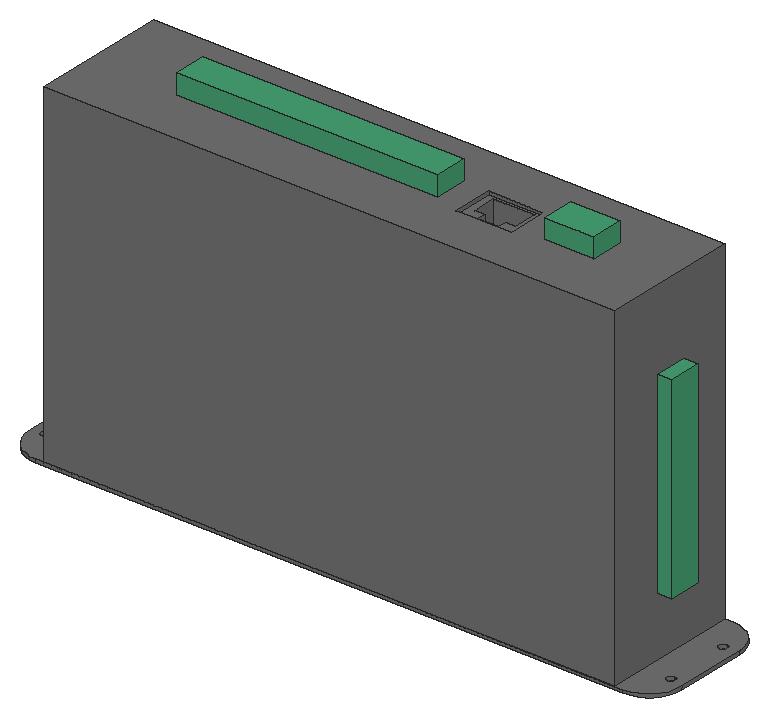
Revit family "Б409_RV17_LOD400 (05.11.23)", category Электрооборудование, Revit 2017
Family settings
  Конфигурация панели = Два столбца, слева направо
  Размер круглого соединителя = Использовать диаметр
  Тип детали = Щит
  На основе рабочей плоскости = Да
  Всегда вертикально = Нет
  При загрузке вырезать с полостями = Нет
  Общий = Нет
  Точка расчета площади = Нет
Parameters (values of type "Б409")
  Стандарт интерфейса связи = "10 Base-T Ethernet (гнездо RJ-45)"
  Смещение_УГО_Y [instance] = 0 mm
  Смещение_УГО_X [instance] = 0 mm
  Раздел проекта [instance] = ""
  Раздел Спецификации [instance] = ""
  Предельное значение сопротивления проводов ШС, кОм = 0.1
  Default Elevation = 1219.2 mm
  Напряжение = "12"
  Максимальный потребляемый ток, (без дополнительных внешних потребителей по сети постоянного тока) не более, А = 0.2 A
  Максимальное удаление считывателей от контроллера, не более, м = 100 mm
  Максимальное количество ключей (пропусков) ОС, шт. = 16
  Максимальное количество извещателей ОС на 1 шлейф сигнализации, не более, шт. = 20
  Количество поддерживаемых считывающих устройств, не более, шт. = 2
  Информационная ёмкость (количество ШС) = 8
  Интерфейс считывателей = "Wiegand 26, Wiegand 40/42"
  Длина кода ключа (пропуска), символов = "1-8"
  В_Смещение_УГО_Y [instance] = Смещение_УГО_Y + 2000 mm  # 2000 mm
  В_Смещение_УГО_X [instance] = Смещение_УГО_X + 2000 mm  # 2000 mm
  d_короба = 20 mm
  ADSK_Размер_Длина = 200 mm
  ADSK_Размер_Глубина = 110 mm
  ADSK_Размер_Высота = 42 mm
  ADSK_Примечание = ""
  ADSK_Наименование = "Контроллер Б409"
  ADSK_Масса = 0.7
  ADSK_Марка = "СТВФ.426484.041ПС"
  ADSK_Количество = 1
  ADSK_Завод-изготовитель = "ООО «Основа Безопасности»"  # constant formula
  ADSK_Единица измерения = "шт."  # constant formula
  ADSK_URL страницы изделия = "https://stilsoft.ru/products/b409"
  ADSK_URL документации изделия = ""
Reference planes
  plane 1 "По центру (Вперед/Назад)": y = 0
  plane 2: z = 0
  plane 3 "По центру (Влево/Вправо)": x = 0
  plane 4: y = 2000
  plane 5: x = -2000
  plane 6: x = 0
  plane 7: y = 0
  plane 8: x = 100
  plane 9: x = -100
  plane 10 "2": x = 87.5
  plane 11 "1": x = -87.5
  plane 12: z = 110
  plane 13: y = 21
  plane 14: y = -21
Forms (mm)
  Extrusion 1, solid, material "корпус", detail levels medium+fine
    sketch origin (0, 21, -1) x (0, -1, 0) y (1, 0, 0)
      loop
        line (42, -87.5) -> (42, 87.5) -> (0, 87.5) -> (0, -87.5) -> (42, -87.5)
    from 2 to 105
  Extrusion 2, solid, material "корпус", detail levels medium+fine
    sketch origin (0, 21, 0) x (0, -1, 0) y (1, 0, 0)
      loop
        line (42, -90.015) -> (42, 90.015)
        arc (42, 90.015) -> (39.076, 97.076) -> (32.015, 100) r 9.985
        line (32.015, 100) -> (9.985, 100)
        arc (9.985, 100) -> (2.924, 97.076) -> (0, 90.015) r 9.985
        line (0, 90.015) -> (0, -90.015)
        arc (0, -90.015) -> (2.924, -97.076) -> (9.985, -100) r 9.985
        line (9.985, -100) -> (32.015, -100)
        arc (32.015, -100) -> (39.076, -97.076) -> (42, -90.015) r 9.985
      loop
        circle (31.002, -95.828) r 1.315
      loop
        circle (10.998, -95.828) r 1.315
      loop
        circle (31.002, 95.828) r 1.315
      loop
        circle (10.998, 95.828) r 1.315
    from 0 to 1
  Extrusion 3, solid, material "подключение", detail levels medium+fine
    sketch origin (-87.5, 14.683, -2.901) x (0, 1, 0) y (0, 0, -1)
      loop
        line (-9.683, -20) -> (-19.683, -20) -> (-19.683, -35.4) -> (-9.683, -35.4) -> (-9.683, -20)
    from 0 to 4.7
  Extrusion 4, void
    sketch origin (-87.5, 14.683, -2.901) x (0, 1, 0) y (0, 0, -1)
      loop
        line (-9.683, -40.4) -> (-22.183, -40.4) -> (-22.183, -57.4) -> (-9.683, -57.4) -> (-9.683, -40.4)
    from 0 to -1
  Extrusion 5, void
    sketch origin (-87.5, 14.683, -2.901) x (0, 1, 0) y (0, 0, -1)
      loop
        line (-10.683, -52.091) -> (-10.683, -45.513) -> (-13.462, -45.513) -> (-13.462, -42.605) -> (-20.683, -42.605) -> (-20.683, -55.214) -> (-13.462, -55.214) -> (-13.462, -52.091) -> (-10.683, -52.091)
    from 0 to -12
  Extrusion 6, void
    sketch origin (-87.5, 14.683, 20.881) x (0, 1, 0) y (0, 0, -1)
      loop
        line (-9.683, -40.4) -> (-22.183, -40.4) -> (-22.183, -57.4) -> (-9.683, -57.4) -> (-9.683, -40.4)
    from 0 to -1
  Extrusion 7, void
    sketch origin (-87.5, 14.683, 20.881) x (0, 1, 0) y (0, 0, -1)
      loop
        line (-10.683, -52.091) -> (-10.683, -45.513) -> (-13.462, -45.513) -> (-13.462, -42.605) -> (-20.683, -42.605) -> (-20.683, -55.214) -> (-13.462, -55.214) -> (-13.462, -52.091) -> (-10.683, -52.091)
    from 0 to -12
  Extrusion 8, solid, material "подключение", detail levels medium+fine
    sketch origin (87.5, 14.683, -0.317) x (0, 1, 0) y (0, 0, 1)
      loop
        line (-9.683, 20) -> (-9.683, 80) -> (-19.683, 80) -> (-19.683, 20) -> (-9.683, 20)
    from 0 to 4.7
  Extrusion 9, solid, material "подключение", detail levels medium+fine
    sketch origin (0, 15.683, 110) x (-1, 0, 0) y (0, -1, 0)
      loop
        line (-67.5, 9.683) -> (-52.5, 9.683) -> (-52.5, 19.683) -> (-67.5, 19.683) -> (-67.5, 9.683)
    from 0 to -6
  Extrusion 10, solid, material "подключение", detail levels medium+fine
    sketch origin (-113, 15.683, 110) x (-1, 0, 0) y (0, -1, 0)
      loop
        line (-132.5, 9.683) -> (-52.5, 9.683) -> (-52.5, 19.683) -> (-132.5, 19.683) -> (-132.5, 9.683)
    from 0 to -6
  Extrusion 11, void
    sketch origin (-13.229, 15.683, 104) x (0, 1, 0) y (-1, 0, 0)
      loop
        line (-9.683, -40.4) -> (-22.183, -40.4) -> (-22.183, -57.4) -> (-9.683, -57.4) -> (-9.683, -40.4)
    from 0 to -1
  Extrusion 12, void
    sketch origin (84.591, -15.683, 104) x (0, -1, 0) y (1, 0, 0)
      loop
        line (-10.683, -52.091) -> (-10.683, -45.513) -> (-13.462, -45.513) -> (-13.462, -42.605) -> (-20.683, -42.605) -> (-20.683, -55.214) -> (-13.462, -55.214) -> (-13.462, -52.091) -> (-10.683, -52.091)
    from 0 to -12
Cuts and joins
  Extrusion 4, Extrusion 5, Extrusion 6, Extrusion 7, Extrusion 11, Extrusion 12 cuts Extrusion 1
Dimensions and locks
  locked: plane 4 to plane 1 "По центру (Вперед/Назад)" at 2000
  locked: plane 5 to plane 3 "По центру (Влево/Вправо)" at 2000
  "В_Смещение_УГО_X": plane 5 to plane 6
  "В_Смещение_УГО_Y": plane 4 to plane 7
  "ADSK_Размер_Длина": plane 9 to plane 8
  "ADSK_Размер_Глубина": plane 12 to level
  aligned and locked: level to plane 2
  aligned and locked: cut or joined group of Extrusion 1, Extrusion 4, Extrusion 5, Extrusion 6, Extrusion 7, Extrusion 11, Extrusion 12 to Extrusion 2
  aligned and locked: cut or joined group of Extrusion 1, Extrusion 4, Extrusion 5, Extrusion 6, Extrusion 7, Extrusion 11, Extrusion 12 to Extrusion 3
  aligned and locked: cut or joined group of Extrusion 1, Extrusion 4, Extrusion 5, Extrusion 6, Extrusion 7, Extrusion 11, Extrusion 12 to cut or joined group of Extrusion 1, Extrusion 4, Extrusion 5, Extrusion 6, Extrusion 7, Extrusion 11, Extrusion 12  (x4)
  aligned and locked: cut or joined group of Extrusion 1, Extrusion 4, Extrusion 5, Extrusion 6, Extrusion 7, Extrusion 11, Extrusion 12 to Extrusion 10
  aligned and locked: cut or joined group of Extrusion 1, Extrusion 4, Extrusion 5, Extrusion 6, Extrusion 7, Extrusion 11, Extrusion 12 to Extrusion 9
  aligned and locked: cut or joined group of Extrusion 1, Extrusion 4, Extrusion 5, Extrusion 6, Extrusion 7, Extrusion 11, Extrusion 12 to Extrusion 8
Automatic sketch dimensions
  Extrusion 2 sketch curve to plane 1 "По центру (Вперед/Назад)" = 21 mm
  Extrusion 2 sketch curve to plane 9 = 0 mm
  Extrusion 2 sketch curve to plane 8 = 0 mm
  Extrusion 2 sketch curve to plane 1 "По центру (Вперед/Назад)" = 11.015 mm
  plane 10 "2" to Extrusion 2 sketch curve = 2.515 mm  (x2)
  Extrusion 2 sketch curve to Extrusion 2 sketch curve = 1.014 mm  (x3)
  Extrusion 2 sketch curve to plane 9 = 4.172 mm  (x2)
  Extrusion 2 sketch curve to Extrusion 2 sketch curve = 20.004 mm  (x2)
  Extrusion 2 sketch curve to plane 8 = 4.172 mm  (x2)
  plane 11 "1" to Extrusion 2 sketch curve = 2.515 mm
  Extrusion 1 sketch curve to plane 11 "1" = 0 mm
  Extrusion 1 sketch curve to plane 10 "2" = 0 mm
  Extrusion 1 sketch curve to plane 1 "По центру (Вперед/Назад)" = 21 mm
  plane 1 "По центру (Вперед/Назад)" to Extrusion 1 sketch curve = 21 mm
  Extrusion 9 sketch curve to plane 10 "2" = 20 mm
  Extrusion 9 sketch curve to Extrusion 9 sketch curve = 15 mm
  Extrusion 9 sketch curve to Extrusion 9 sketch curve = 10 mm
  plane 3 "По центру (Влево/Вправо)" to Extrusion 10 sketch curve = 19.5 mm
  Extrusion 10 sketch curve to plane 11 "1" = 27 mm
  Extrusion 10 sketch curve to Extrusion 10 sketch curve = 10 mm
  Extrusion 11 sketch curve to plane 10 "2" = 43.329 mm
  Extrusion 11 sketch curve to Extrusion 11 sketch curve = 17 mm
  Extrusion 12 sketch curve to Extrusion 12 sketch curve = 7.221 mm  (x2)
  Extrusion 12 sketch curve to Extrusion 12 sketch curve = 2.779 mm
  plane 3 "По центру (Влево/Вправо)" to Extrusion 12 sketch curve = 29.376 mm
  Extrusion 12 sketch curve to Extrusion 12 sketch curve = 3.123 mm
  Extrusion 12 sketch curve to Extrusion 12 sketch curve = 6.578 mm
  Extrusion 12 sketch curve to Extrusion 12 sketch curve = 2.908 mm
  level to Extrusion 8 sketch curve = 19.683 mm
  plane 1 "По центру (Вперед/Назад)" to Extrusion 8 sketch curve = 5 mm
  Extrusion 8 sketch curve to Extrusion 8 sketch curve = 10 mm
  plane 1 "По центру (Вперед/Назад)" to Extrusion 3 sketch curve = 5 mm
  Extrusion 3 sketch curve to Extrusion 3 sketch curve = 10 mm
  Extrusion 3 sketch curve to Extrusion 3 sketch curve = 15.4 mm
  plane 1 "По центру (Вперед/Назад)" to Extrusion 4 sketch curve = 7.5 mm
  Extrusion 4 sketch curve to Extrusion 4 sketch curve = 12.5 mm
  plane 1 "По центру (Вперед/Назад)" to Extrusion 5 sketch curve = 6 mm
  Extrusion 5 sketch curve to Extrusion 5 sketch curve = 7.221 mm  (x2)
  Extrusion 5 sketch curve to Extrusion 5 sketch curve = 2.779 mm
  Extrusion 5 sketch curve to Extrusion 5 sketch curve = 6.578 mm
  Extrusion 5 sketch curve to Extrusion 5 sketch curve = 3.123 mm
  plane 1 "По центру (Вперед/Назад)" to Extrusion 6 sketch curve = 7.5 mm
  Extrusion 6 sketch curve to Extrusion 6 sketch curve = 12.5 mm
  Extrusion 6 sketch curve to Extrusion 6 sketch curve = 17 mm
  plane 1 "По центру (Вперед/Назад)" to Extrusion 7 sketch curve = 6 mm
  Extrusion 7 sketch curve to Extrusion 7 sketch curve = 7.221 mm  (x2)
  Extrusion 7 sketch curve to Extrusion 7 sketch curve = 2.779 mm
  Extrusion 7 sketch curve to Extrusion 7 sketch curve = 3.123 mm
  Extrusion 7 sketch curve to Extrusion 7 sketch curve = 6.578 mm
  Extrusion 7 sketch curve to Extrusion 7 sketch curve = 2.908 mm
  level to Extrusion 3 sketch curve = 32.499 mm
  level to Extrusion 4 sketch curve = 54.499 mm
  Extrusion 4 sketch curve to Extrusion 4 sketch curve = 17 mm
  level to Extrusion 5 sketch curve = 52.313 mm
  Extrusion 5 sketch curve to Extrusion 5 sketch curve = 2.908 mm
  level to Extrusion 6 sketch curve = 78.281 mm
  level to Extrusion 7 sketch curve = 76.095 mm
  Extrusion 8 sketch curve to Extrusion 8 sketch curve = 60 mm
  Extrusion 9 sketch curve to plane 1 "По центру (Вперед/Назад)" = 6 mm
  Extrusion 10 sketch curve to plane 1 "По центру (Вперед/Назад)" = 6 mm
  plane 1 "По центру (Вперед/Назад)" to Extrusion 11 sketch curve = 6.5 mm
  Extrusion 11 sketch curve to plane 1 "По центру (Вперед/Назад)" = 6 mm
  Extrusion 12 sketch curve to plane 1 "По центру (Вперед/Назад)" = 5 mm
  radius of Extrusion 2 sketch curve = 1.315 mm  (x4)
Connectors
  electrical at (35.735, -1.111, 103)
    settings: on cut or joined group of Extrusion 1, Extrusion 4, Extrusion 5, Extrusion 6, Extrusion 7, Extrusion 11, Extrusion 12, index 1, voltage 0 V, apparent load 0 VA, apparent load phase1 0 VA, apparent load phase2 0 VA, apparent load phase3 0 VA, power factor 1, load classification "Прочее", number of poles 1, system type 14, power factor state 1, is connector primary yes, connector utility no, sub classification motor no, connector description ""
  electrical at (-75.5, 0.111, 69.737)
    settings: on cut or joined group of Extrusion 1, Extrusion 4, Extrusion 5, Extrusion 6, Extrusion 7, Extrusion 11, Extrusion 12, index 2, voltage 0 V, apparent load 0 VA, apparent load phase1 0 VA, apparent load phase2 0 VA, apparent load phase3 0 VA, power factor 1, load classification "Прочее", number of poles 1, system type 14, power factor state 1, is connector primary no, connector utility no, sub classification motor no, connector description ""
  electrical at (-75.5, 0.111, 45.955)
    settings: on cut or joined group of Extrusion 1, Extrusion 4, Extrusion 5, Extrusion 6, Extrusion 7, Extrusion 11, Extrusion 12, index 3, voltage 0 V, apparent load 0 VA, apparent load phase1 0 VA, apparent load phase2 0 VA, apparent load phase3 0 VA, power factor 1, load classification "Прочее", number of poles 1, system type 14, power factor state 1, is connector primary no, connector utility no, sub classification motor no, connector description ""
  cabletrayconduit at (35.735, -1.111, 103), diameter 20, driven by "d_короба"
    settings: on cut or joined group of Extrusion 1, Extrusion 4, Extrusion 5, Extrusion 6, Extrusion 7, Extrusion 11, Extrusion 12, index 4, connector width 300 mm, connector height 300 mm, connector angle 0.00°, system type 32, placement type 0, profile type 0, connector reference index -1, is primary connector yes, connector utility param no, connector description ""
  cabletrayconduit at (-75.5, 0.111, 69.737), diameter 20, driven by "d_короба"
    settings: on cut or joined group of Extrusion 1, Extrusion 4, Extrusion 5, Extrusion 6, Extrusion 7, Extrusion 11, Extrusion 12, index 5, connector width 300 mm, connector height 300 mm, connector angle 0.00°, system type 32, placement type 0, profile type 0, connector reference index -1, is primary connector no, connector utility param no, connector description ""
  cabletrayconduit at (-75.5, 0.111, 45.955), diameter 20, driven by "d_короба"
    settings: on cut or joined group of Extrusion 1, Extrusion 4, Extrusion 5, Extrusion 6, Extrusion 7, Extrusion 11, Extrusion 12, index 6, connector width 300 mm, connector height 300 mm, connector angle 0.00°, system type 32, placement type 0, profile type 0, connector reference index -1, is primary connector no, connector utility param no, connector description ""
  cabletrayconduit at (-75.5, 0.111, 45.955), diameter 20, driven by "d_короба"
    settings: on cut or joined group of Extrusion 1, Extrusion 4, Extrusion 5, Extrusion 6, Extrusion 7, Extrusion 11, Extrusion 12, index 7, connector width 300 mm, connector height 300 mm, connector angle 0.00°, system type 32, placement type 0, profile type 0, connector reference index -1, is primary connector no, connector utility param no, connector description ""
